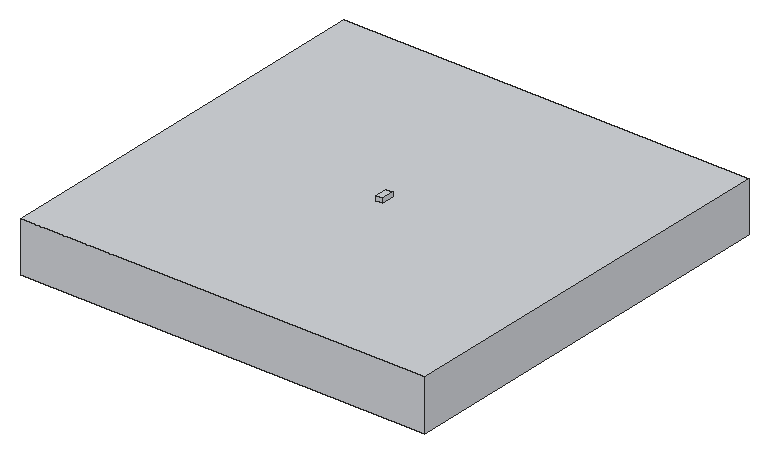
Revit family "HOK - Thermostat", category Communication Devices, host Face, Revit 2022
Family settings
  Host = Face
  Round Connector Dimension = Use Diameter
  Part Type = Normal
  Cut with Voids When Loaded = No
  Maintain Annotation Orientation = Yes
  Shared = Yes
  Room Calculation Point = No
Parameters (values of type "Standard")
  Width = 0' - 1 1/2"
  Tag Name [instance] = ""
  Heigth = 0' - 3"
  Depth = 0' - 1"
  Default Elevation = 4' - 0"
  Horizontal Wall [instance] = not(Vertical Wall)  # no
  Vertical Wall [instance] = yes
  Assembly Code = ""
Reference planes (in)
  plane 1 "Center (Front/Back)": y = 0
  plane 2: z = 0
  plane 3 "Center (Left/Right)": x = 0
  plane 4: x = 0.75
  plane 5: x = -0.75
  plane 6: y = 1.5
  plane 7: y = -1.5
  plane 8: z = 1
Forms (in)
  Extrusion 1, solid
    sketch origin (0, 0, 0) x (1, 0, 0) y (0, 1, 0)
      loop
        line (-48, 48) -> (-48, -48) -> (48, -48) -> (48, 48) -> (-48, 48)
    from 0 to -12
  Extrusion 2, solid
    sketch origin (0, 0, 0) x (1, 0, 0) y (0, 1, 0)
      loop
        line (-0.75, 1.5) -> (-0.75, -1.5) -> (0.75, -1.5) -> (0.75, 1.5) -> (-0.75, 1.5)
    from 0 to 1
Dimensions and locks (in)
  "Depth": plane 8 to plane 2
  "Width": plane 5 to plane 4
  "Heigth": plane 6 to plane 7
  equal spacing: plane 5, plane 3 "Center (Left/Right)", plane 4
  equal spacing: plane 7, plane 1 "Center (Front/Back)", plane 6
  aligned and locked: plane 2 to Extrusion 1
  aligned and locked: level to Extrusion 1
  aligned and locked: plane 5 to Extrusion 2 sketch curve
  aligned and locked: Extrusion 2 sketch curve to plane 6
  aligned and locked: plane 7 to Extrusion 2 sketch curve
  aligned and locked: Extrusion 2 sketch curve to plane 4
  aligned and locked: Extrusion 2 to plane 2
  aligned and locked: plane 8 to Extrusion 2
Automatic sketch dimensions
  Extrusion 1 sketch curve to Extrusion 1 sketch curve = 8' - 0"  (x2)
Nested families (in)
  nested 1: "HOK Circle" at (0, 1.5, 0), type "Standard"
    with T "T"
Definition of nested family "HOK Circle"
  Parameters
    T [instance] = ""
  Reference planes (in)
    plane 1: y = 0
    plane 2: x = 0
  Lines and regions (in)
    detail lines
      curve 1: circle (0, 0.09019, 0) r 0.09071 normal (0, 0, 1)
    detail lines, not visible
      curve 2: circle (0, 0.09019, 0) r 0.09071 normal (0, 0, 1)
  Text (in)
    label "T" at (0.00042, 0.09072, 0), shows "T"
    label "T" at (0.00042, 0.09072, 0), shows "T", not visible
